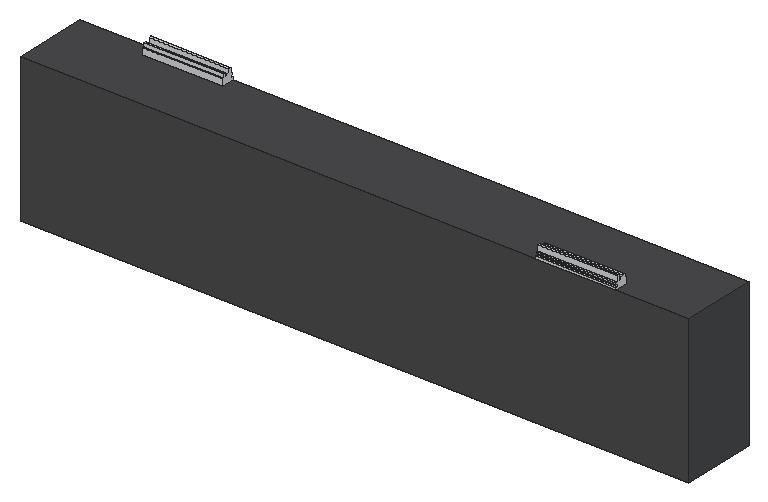
Revit family "DTM15U3.1.24", category Luminarias, Revit 2019
Family settings
  Cota de conector redondo = Diámetro de uso
  Tipo de pieza = Normal
  Se basa en plano de trabajo = Sí
  Siempre vertical = Sí
  Corte con vacíos al cargar = No
  Origen de luz = Sí
  Compartido = No
  Punto de cálculo de habitación = No
Parameters (values of type "RECTANGULAR DWN RIEL_DTM15U3.1.24")
  Ángulo de inclinación = 60.00°
  Zone [instance] = ""
  Watt per fixture = 15
  Wattage = 15 W
  built-in parameter 1150107 = 2700 (stored number, unit not read)
  built-in parameter 1150110 = 1 (stored number, unit not read)
  built-in parameter 1150109 = 1 (stored number, unit not read)
  built-in parameter 1150112 = 1 (stored number, unit not read)
  built-in parameter 1150113 = 1 (stored number, unit not read)
  built-in parameter 1114218 = 1 (stored number, unit not read)
  Keynote = ""
  built-in parameter 1150137 = (empty or 0)
  built-in parameter 1150132 = (empty or 0)
  Modelo = "DTM15U3.1.24"
  Lámpara = "3030SMD PHILIPS"
  built-in parameter 1150105 = 5215.7 (stored number, unit not read)
  built-in parameter 1150102 = (empty or 0)
  built-in parameter 1150106 = 52.157 (stored number, unit not read)
  Lumens = 1200 lm
  Color Filter = 16777215
  built-in parameter 1114217 = 1 (stored number, unit not read)
  built-in parameter 1150139 = (empty or 0)
  Fabricante = "BRILLANT"
  Default Elevation = 1219.2 mm
  built-in parameter 1150104 = 7.4322 (stored number, unit not read)
  Descripción = "LUMINARIA DOWNLIGHT EN FORMATO RECTANGULAR COMPATIBLE CON RIEL DE 6 ENTRADAS Y 3 CIRCUITOS, CUERPO DE ALUMINIO ACABADO EN COLOR NEGRO, IP 20, PESO 0.78Kg, TIPO DE LED 3030SMD PHILIPS CON 15W TOTAL, 1200 LUMENES, 80LM/W, IRC 90, TEMPERATURA EN BLANCO CALIDO 2700K, 50 MIL HORAS DE VIDA PROMEDIO, APERTURA DE 24 GRADOS EN STOCK, ALIMENTADO A 90-240V"
  built-in parameter 1150115 = 1 (stored number, unit not read)
  built-in parameter 1150114 = 1 (stored number, unit not read)
  Comentarios de vataje = "90-240V"
  built-in parameter 1150138 = (empty or 0)
  built-in parameter 1150134 = (empty or 0)
  Circuit [instance] = ""
  Dimming Lamp Color Temperature Shift = (empty or 0)
  Archivo de red fotométrica = "L328A-15W-827-B-24_IESNA95.IES"
  built-in parameter 1150133 = 10 (stored number, unit not read)
Reference planes
  plane 1 "Centro (Frontal/Posterior)": y = 0
  plane 2: z = 0
  plane 3 "Centro (Izquierda/Derecha)": x = 0
Forms (mm)
  Extrusion 1, solid, material "Default Form"
    sketch origin (0, 0, 0) x (1, 0, 0) y (0, 0, 1)
      loop
        line (-164, 0) -> (-164, -72) -> (164, -72) -> (164, 0) -> (-164, 0)
    from -18.326 to 18.326
  Extrusion 2, solid
    sketch origin (0, 0, 3.217) x (0, 1, 0) y (0, 0, 1)
      loop
        line (-12.149, -3.217) -> (-12.149, 0) -> (-12.935, 0) -> (-12.935, 1.637) -> (-13.796, 1.637) -> (-13.796, 0) -> (-14.582, 0) -> (-14.582, 0.811) -> (-15.443, 0.811) -> (-15.443, 0) -> (-16.233, 0) -> (-16.233, 2.691) -> (-17.279, 2.691) -> (-17.279, 0) -> (-18.061, 0) -> (-18.061, -0.861) -> (-17.162, -0.861) -> (-17.162, -2.042) -> (-18.326, -2.042) -> (-18.326, -3.217) -> (-12.149, -3.217)
    from 89.098 to 128.24
  Blend 3, void
    base sketch origin (0, 0, 0) x (1, 0, 0) y (0, 1, 0)
      loop
        line (-162, 16.149) -> (-162, -16.149) -> (-144.14, -16.149) -> (-144.14, 16.149) -> (-162, 16.149)
    top sketch origin (0, 0, 0) x (1, 0, 0) y (0, 1, 0)
      loop
        line (-160, 12.149) -> (-160, -12.149) -> (-146.14, -12.149) -> (-146.14, 12.149) -> (-160, 12.149)
    from -72 to -61.591
  Blend 4, void
    base sketch origin (21.86, 0, 0) x (1, 0, 0) y (0, 1, 0)
      loop
        line (-162, 16.149) -> (-162, -16.149) -> (-144.14, -16.149) -> (-144.14, 16.149) -> (-162, 16.149)
    top sketch origin (21.86, 0, 0) x (1, 0, 0) y (0, 1, 0)
      loop
        line (-160, 12.149) -> (-160, -12.149) -> (-146.14, -12.149) -> (-146.14, 12.149) -> (-160, 12.149)
    from -72 to -61.591
  Blend 5, void
    base sketch origin (43.72, 0, 0) x (1, 0, 0) y (0, 1, 0)
      loop
        line (-162, 16.149) -> (-162, -16.149) -> (-144.14, -16.149) -> (-144.14, 16.149) -> (-162, 16.149)
    top sketch origin (43.72, 0, 0) x (1, 0, 0) y (0, 1, 0)
      loop
        line (-160, 12.149) -> (-160, -12.149) -> (-146.14, -12.149) -> (-146.14, 12.149) -> (-160, 12.149)
    from -72 to -61.591
  Blend 6, void
    base sketch origin (65.58, 0, 0) x (1, 0, 0) y (0, 1, 0)
      loop
        line (-162, 16.149) -> (-162, -16.149) -> (-144.14, -16.149) -> (-144.14, 16.149) -> (-162, 16.149)
    top sketch origin (65.58, 0, 0) x (1, 0, 0) y (0, 1, 0)
      loop
        line (-160, 12.149) -> (-160, -12.149) -> (-146.14, -12.149) -> (-146.14, 12.149) -> (-160, 12.149)
    from -72 to -61.591
  Blend 7, void
    base sketch origin (87.44, 0, 0) x (1, 0, 0) y (0, 1, 0)
      loop
        line (-162, 16.149) -> (-162, -16.149) -> (-144.14, -16.149) -> (-144.14, 16.149) -> (-162, 16.149)
    top sketch origin (87.44, 0, 0) x (1, 0, 0) y (0, 1, 0)
      loop
        line (-160, 12.149) -> (-160, -12.149) -> (-146.14, -12.149) -> (-146.14, 12.149) -> (-160, 12.149)
    from -72 to -61.591
  Blend 8, void
    base sketch origin (109.3, 0, 0) x (1, 0, 0) y (0, 1, 0)
      loop
        line (-162, 16.149) -> (-162, -16.149) -> (-144.14, -16.149) -> (-144.14, 16.149) -> (-162, 16.149)
    top sketch origin (109.3, 0, 0) x (1, 0, 0) y (0, 1, 0)
      loop
        line (-160, 12.149) -> (-160, -12.149) -> (-146.14, -12.149) -> (-146.14, 12.149) -> (-160, 12.149)
    from -72 to -61.591
  Blend 9, void
    base sketch origin (131.16, 0, 0) x (1, 0, 0) y (0, 1, 0)
      loop
        line (-162, 16.149) -> (-162, -16.149) -> (-144.14, -16.149) -> (-144.14, 16.149) -> (-162, 16.149)
    top sketch origin (131.16, 0, 0) x (1, 0, 0) y (0, 1, 0)
      loop
        line (-160, 12.149) -> (-160, -12.149) -> (-146.14, -12.149) -> (-146.14, 12.149) -> (-160, 12.149)
    from -72 to -61.591
  Blend 10, void
    base sketch origin (153.02, 0, 0) x (1, 0, 0) y (0, 1, 0)
      loop
        line (-162, 16.149) -> (-162, -16.149) -> (-144.14, -16.149) -> (-144.14, 16.149) -> (-162, 16.149)
    top sketch origin (153.02, 0, 0) x (1, 0, 0) y (0, 1, 0)
      loop
        line (-160, 12.149) -> (-160, -12.149) -> (-146.14, -12.149) -> (-146.14, 12.149) -> (-160, 12.149)
    from -72 to -61.591
  Blend 11, void
    base sketch origin (174.88, 0, 0) x (1, 0, 0) y (0, 1, 0)
      loop
        line (-162, 16.149) -> (-162, -16.149) -> (-144.14, -16.149) -> (-144.14, 16.149) -> (-162, 16.149)
    top sketch origin (174.88, 0, 0) x (1, 0, 0) y (0, 1, 0)
      loop
        line (-160, 12.149) -> (-160, -12.149) -> (-146.14, -12.149) -> (-146.14, 12.149) -> (-160, 12.149)
    from -72 to -61.591
  Blend 12, void
    base sketch origin (196.74, 0, 0) x (1, 0, 0) y (0, 1, 0)
      loop
        line (-162, 16.149) -> (-162, -16.149) -> (-144.14, -16.149) -> (-144.14, 16.149) -> (-162, 16.149)
    top sketch origin (196.74, 0, 0) x (1, 0, 0) y (0, 1, 0)
      loop
        line (-160, 12.149) -> (-160, -12.149) -> (-146.14, -12.149) -> (-146.14, 12.149) -> (-160, 12.149)
    from -72 to -61.591
  Blend 13, void
    base sketch origin (218.6, 0, 0) x (1, 0, 0) y (0, 1, 0)
      loop
        line (-162, 16.149) -> (-162, -16.149) -> (-144.14, -16.149) -> (-144.14, 16.149) -> (-162, 16.149)
    top sketch origin (218.6, 0, 0) x (1, 0, 0) y (0, 1, 0)
      loop
        line (-160, 12.149) -> (-160, -12.149) -> (-146.14, -12.149) -> (-146.14, 12.149) -> (-160, 12.149)
    from -72 to -61.591
  Blend 14, void
    base sketch origin (240.46, 0, 0) x (1, 0, 0) y (0, 1, 0)
      loop
        line (-162, 16.149) -> (-162, -16.149) -> (-144.14, -16.149) -> (-144.14, 16.149) -> (-162, 16.149)
    top sketch origin (240.46, 0, 0) x (1, 0, 0) y (0, 1, 0)
      loop
        line (-160, 12.149) -> (-160, -12.149) -> (-146.14, -12.149) -> (-146.14, 12.149) -> (-160, 12.149)
    from -72 to -61.591
  Blend 15, void
    base sketch origin (262.32, 0, 0) x (1, 0, 0) y (0, 1, 0)
      loop
        line (-162, 16.149) -> (-162, -16.149) -> (-144.14, -16.149) -> (-144.14, 16.149) -> (-162, 16.149)
    top sketch origin (262.32, 0, 0) x (1, 0, 0) y (0, 1, 0)
      loop
        line (-160, 12.149) -> (-160, -12.149) -> (-146.14, -12.149) -> (-146.14, 12.149) -> (-160, 12.149)
    from -72 to -61.591
  Blend 16, void
    base sketch origin (284.18, 0, 0) x (1, 0, 0) y (0, 1, 0)
      loop
        line (-162, 16.149) -> (-162, -16.149) -> (-144.14, -16.149) -> (-144.14, 16.149) -> (-162, 16.149)
    top sketch origin (284.18, 0, 0) x (1, 0, 0) y (0, 1, 0)
      loop
        line (-160, 12.149) -> (-160, -12.149) -> (-146.14, -12.149) -> (-146.14, 12.149) -> (-160, 12.149)
    from -72 to -61.591
  Blend 17, void
    base sketch origin (306.04, 0, 0) x (1, 0, 0) y (0, 1, 0)
      loop
        line (-162, 16.149) -> (-162, -16.149) -> (-144.14, -16.149) -> (-144.14, 16.149) -> (-162, 16.149)
    top sketch origin (306.04, 0, 0) x (1, 0, 0) y (0, 1, 0)
      loop
        line (-160, 12.149) -> (-160, -12.149) -> (-146.14, -12.149) -> (-146.14, 12.149) -> (-160, 12.149)
    from -72 to -61.591
  Extrusion 18, solid
    sketch origin (0, 0, 3.217) x (0, -1, 0) y (0, 0, 1)
      loop
        line (-12.149, -3.217) -> (-12.149, 0) -> (-12.935, 0) -> (-12.935, 1.637) -> (-13.796, 1.637) -> (-13.796, 0) -> (-14.582, 0) -> (-14.582, 0.811) -> (-15.443, 0.811) -> (-15.443, 0) -> (-16.233, 0) -> (-16.233, 2.691) -> (-17.279, 2.691) -> (-17.279, 0) -> (-18.061, 0) -> (-18.061, -0.861) -> (-17.162, -0.861) -> (-17.162, -2.042) -> (-18.326, -2.042) -> (-18.326, -3.217) -> (-12.149, -3.217)
    from 89.098 to 128.24
Cuts and joins
  Blend 3, Blend 4, Blend 5, Blend 6, Blend 7, Blend 8, Blend 9, Blend 10, Blend 11, Blend 12, Blend 13, Blend 14, Blend 15, Blend 16, Blend 17 cuts Extrusion 1
Dimensions and locks
  equal spacing: Extrusion 1, plane 1 "Centro (Frontal/Posterior)", Extrusion 1
  Extrusion 1 to plane 1 "Centro (Frontal/Posterior)" = 18.326 mm
  Extrusion 1 to Extrusion 1 = 36.651 mm
  Extrusion 1 to Extrusion 1 = 72 mm
  Extrusion 1 to Extrusion 1 = 328 mm
  equal spacing: group 1, group 2, group 3, group 4, group 5, group 6, group 7, group 8, group 9, group 10, group 11, group 12, group 13, group 14  (x3)
  cut or joined group 1 (Extrusion 1, Blend 3, Blend 4, Blend 5, Blend 6, Blend 7, Blend 8, Blend 9, Blend 10, Blend 11, Blend 12, Blend 13, Blend 14, Blend 15, Blend 16, Blend 17) to cut or joined group 1 = 72 mm
  cut or joined group 1 to cut or joined group 1 = 36.651 mm
  cut or joined group 1 to cut or joined group 1 = 328 mm
  equal spacing: cut or joined group 1, plane 1 "Centro (Frontal/Posterior)", cut or joined group 1
  aligned and locked: level to plane 2
Automatic sketch dimensions
  Blend 4 sketch curve to Blend 4 sketch curve = 17.86 mm
  Blend 4 sketch curve to Blend 4 sketch curve = 13.86 mm
  Blend 4 sketch curve to Blend 4 sketch curve = 32.298 mm
  Blend 4 sketch curve to Blend 4 sketch curve = 24.298 mm
  Blend 5 sketch curve to Blend 5 sketch curve = 17.86 mm
  Blend 5 sketch curve to Blend 5 sketch curve = 13.86 mm
  Blend 5 sketch curve to Blend 5 sketch curve = 32.298 mm
  Blend 5 sketch curve to Blend 5 sketch curve = 24.298 mm
  Blend 6 sketch curve to Blend 6 sketch curve = 17.86 mm
  Blend 6 sketch curve to Blend 6 sketch curve = 13.86 mm
  Blend 6 sketch curve to Blend 6 sketch curve = 32.298 mm
  Blend 6 sketch curve to Blend 6 sketch curve = 24.298 mm
  Blend 7 sketch curve to Blend 7 sketch curve = 17.86 mm
  Blend 7 sketch curve to Blend 7 sketch curve = 13.86 mm
  Blend 7 sketch curve to Blend 7 sketch curve = 32.298 mm
  Blend 7 sketch curve to Blend 7 sketch curve = 24.298 mm
  Blend 8 sketch curve to Blend 8 sketch curve = 17.86 mm
  Blend 8 sketch curve to Blend 8 sketch curve = 13.86 mm
  Blend 8 sketch curve to Blend 8 sketch curve = 32.298 mm
  Blend 8 sketch curve to Blend 8 sketch curve = 24.298 mm
  Blend 9 sketch curve to Blend 9 sketch curve = 17.86 mm
  Blend 9 sketch curve to Blend 9 sketch curve = 13.86 mm
  Blend 9 sketch curve to Blend 9 sketch curve = 32.298 mm
  Blend 9 sketch curve to Blend 9 sketch curve = 24.298 mm
  Blend 10 sketch curve to Blend 10 sketch curve = 17.86 mm
  Blend 10 sketch curve to Blend 10 sketch curve = 13.86 mm
  Blend 10 sketch curve to Blend 10 sketch curve = 32.298 mm
  Blend 10 sketch curve to Blend 10 sketch curve = 24.298 mm
  Blend 11 sketch curve to Blend 11 sketch curve = 17.86 mm
  Blend 11 sketch curve to Blend 11 sketch curve = 13.86 mm
  Blend 11 sketch curve to Blend 11 sketch curve = 32.298 mm
  Blend 11 sketch curve to Blend 11 sketch curve = 24.298 mm
  Blend 12 sketch curve to Blend 12 sketch curve = 17.86 mm
  Blend 12 sketch curve to Blend 12 sketch curve = 13.86 mm
  Blend 12 sketch curve to Blend 12 sketch curve = 32.298 mm
  Blend 12 sketch curve to Blend 12 sketch curve = 24.298 mm
  Blend 13 sketch curve to Blend 13 sketch curve = 17.86 mm
  Blend 13 sketch curve to Blend 13 sketch curve = 13.86 mm
  Blend 13 sketch curve to Blend 13 sketch curve = 32.298 mm
  Blend 13 sketch curve to Blend 13 sketch curve = 24.298 mm
  Blend 14 sketch curve to Blend 14 sketch curve = 17.86 mm
  Blend 14 sketch curve to Blend 14 sketch curve = 13.86 mm
  Blend 14 sketch curve to Blend 14 sketch curve = 32.298 mm
  Blend 14 sketch curve to Blend 14 sketch curve = 24.298 mm
  Blend 15 sketch curve to Blend 15 sketch curve = 17.86 mm
  Blend 15 sketch curve to Blend 15 sketch curve = 13.86 mm
  Blend 15 sketch curve to Blend 15 sketch curve = 32.298 mm
  Blend 15 sketch curve to Blend 15 sketch curve = 24.298 mm
  Blend 16 sketch curve to Blend 16 sketch curve = 17.86 mm
  Blend 16 sketch curve to Blend 16 sketch curve = 13.86 mm
  Blend 16 sketch curve to Blend 16 sketch curve = 32.298 mm
  Blend 16 sketch curve to Blend 16 sketch curve = 24.298 mm
  Blend 17 sketch curve to Blend 17 sketch curve = 17.86 mm
  Blend 17 sketch curve to Blend 17 sketch curve = 13.86 mm
  Blend 17 sketch curve to Blend 17 sketch curve = 32.298 mm
  Blend 17 sketch curve to Blend 17 sketch curve = 24.298 mm
  Extrusion 1 sketch curve to level = 0 mm
  Extrusion 1 sketch curve to level = 72 mm
  Extrusion 1 sketch curve to plane 3 "Centro (Izquierda/Derecha)" = 164 mm
  plane 3 "Centro (Izquierda/Derecha)" to Extrusion 1 sketch curve = 164 mm
  Blend 3 sketch curve to plane 1 "Centro (Frontal/Posterior)" = 16.149 mm
  Blend 3 sketch curve to plane 3 "Centro (Izquierda/Derecha)" = 162 mm
  Blend 3 sketch curve to Blend 3 sketch curve = 17.86 mm
  plane 1 "Centro (Frontal/Posterior)" to Blend 3 sketch curve = 16.149 mm
  Blend 3 sketch curve to plane 1 "Centro (Frontal/Posterior)" = 12.149 mm
  Blend 3 sketch curve to plane 3 "Centro (Izquierda/Derecha)" = 160 mm
  Blend 3 sketch curve to Blend 3 sketch curve = 13.86 mm
  plane 1 "Centro (Frontal/Posterior)" to Blend 3 sketch curve = 12.149 mm
  Extrusion 18 sketch curve to level = 0 mm
  level to Extrusion 18 sketch curve = 1.175 mm
  Extrusion 18 sketch curve to plane 1 "Centro (Frontal/Posterior)" = 18.326 mm
  Extrusion 18 sketch curve to Extrusion 18 sketch curve = 0.265 mm
  Extrusion 18 sketch curve to Extrusion 18 sketch curve = 0.782 mm
  Extrusion 18 sketch curve to Extrusion 18 sketch curve = 1.164 mm
  Extrusion 18 sketch curve to Extrusion 18 sketch curve = 1.046 mm
  Extrusion 18 sketch curve to Extrusion 18 sketch curve = 0.789 mm
  Extrusion 18 sketch curve to Extrusion 18 sketch curve = 0.861 mm  (x3)
  Extrusion 18 sketch curve to Extrusion 18 sketch curve = 0.786 mm
  Extrusion 18 sketch curve to Extrusion 18 sketch curve = 0.785 mm
  Extrusion 18 sketch curve to Extrusion 18 sketch curve = 1.181 mm
  level to Extrusion 18 sketch curve = 3.217 mm
  Extrusion 18 sketch curve to Extrusion 18 sketch curve = 0 mm  (x2)
  Extrusion 18 sketch curve to Extrusion 18 sketch curve = 0.811 mm
  Extrusion 18 sketch curve to Extrusion 18 sketch curve = 0.826 mm
  Extrusion 18 sketch curve to Extrusion 18 sketch curve = 1.88 mm
  Extrusion 2 sketch curve to level = 0 mm
  level to Extrusion 2 sketch curve = 1.175 mm
  plane 1 "Centro (Frontal/Posterior)" to Extrusion 2 sketch curve = 18.326 mm
  Extrusion 2 sketch curve to Extrusion 2 sketch curve = 0.265 mm
  Extrusion 2 sketch curve to Extrusion 2 sketch curve = 0.782 mm
  Extrusion 2 sketch curve to Extrusion 2 sketch curve = 0.117 mm
  Extrusion 2 sketch curve to Extrusion 2 sketch curve = 1.046 mm
  Extrusion 2 sketch curve to Extrusion 2 sketch curve = 0.789 mm
  Extrusion 2 sketch curve to Extrusion 2 sketch curve = 0.861 mm  (x3)
  Extrusion 2 sketch curve to Extrusion 2 sketch curve = 0.786 mm
  Extrusion 2 sketch curve to Extrusion 2 sketch curve = 0.785 mm
  Extrusion 2 sketch curve to Extrusion 2 sketch curve = 1.181 mm
  Extrusion 2 sketch curve to Extrusion 2 sketch curve = 3.217 mm
  Extrusion 2 sketch curve to Extrusion 2 sketch curve = 0 mm  (x2)
  Extrusion 2 sketch curve to Extrusion 2 sketch curve = 0.811 mm
  Extrusion 2 sketch curve to Extrusion 2 sketch curve = 0.826 mm
  Extrusion 2 sketch curve to Extrusion 2 sketch curve = 1.88 mm
Connectors
  electrical at (0, 0, 0)
    settings: on cut or joined group 1, index 1, voltage 240 V, apparent load 0 VA, apparent load phase1 0 VA, apparent load phase2 0 VA, apparent load phase3 0 VA, power factor 1, load classification "Otro", number of poles 1, system type 31, power factor state 1, is connector primary yes, connector utility no, sub classification motor no, connector description ""
